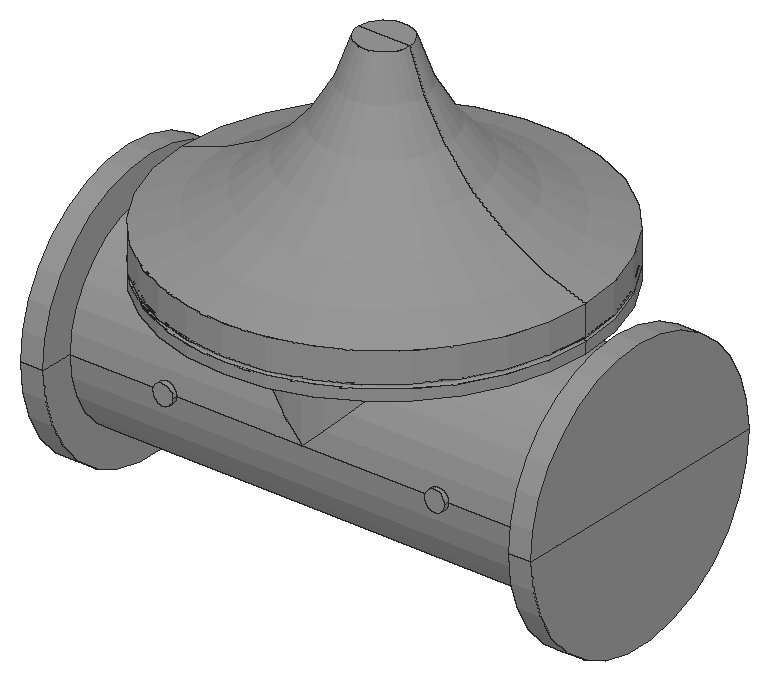
Revit family "Control Valve - Booster Pump - 4-16 Inch", category Pipe Accessories, Revit 2027
Family settings
  Round Connector Dimension = Use Radius
  Part Type = Valve - Breaks Into
  Work Plane-Based = No
  Always vertical = Yes
  Cut with Voids When Loaded = No
  Shared = No
Parameters (values of type "8"")
  Valve Material = none
  Symbol Length = 0.5 * Valve Length * tan(30.00°)  # 7.32657"
  Stem Radius = Valve Length / 20  # 1.269"
  Length 1 = 51/256"  # constant formula
  Default Elevation = 0"
  Cover Radius = 10"
  Body Radius = Nominal Radius * 1.15 + 1/2"  # 5.1"
  Valve Height = 16"
  Nominal Radius = 4"
  Nominal Diameter = Nominal Radius * 2  # 8"
  K Coefficient = 7
  Flange Thickness = 1.12598"
  Flange Radius = 6 3/4"
  Bonnet Radius = Body Radius  # 5.1"
  Bonnet Height = Body Radius + 1/4"  # 5.35"
  Valve Length = 25.38"
Reference planes (in)
  plane 1 "Center (Front/Back)": y = 0
  plane 2: z = 0
  plane 3 "Center (Left/Right)": x = 0
  plane 4: x = -12.69
  plane 5: x = 12.69
  plane 6: x = -11.56402
  plane 7: x = 11.56402
  plane 8: z = 5.35
  plane 9: z = 6.47598
  plane 10: z = 7.60197
  plane 11: y = -7.32657
  plane 12: y = 7.32657
  plane 13: z = 16
  plane 14: y = -5.1
  plane 15: z = 6.10066
  plane 16: z = 6.85131
  plane 17: z = 5.90144
  plane 18: y = -5.3
  plane 19: x = -6.75
  plane 20: x = 6.75
Forms (in)
  Revolve 1, solid, material "Valve Body - Factory Epoxy (Dark Grey)", detail levels fine
    sketch origin (0, 0, 0) x (1, 0, 0) y (0, 1, 0)
      loop
        line (12.69, 6.75) -> (11.56402, 6.75) -> (11.56402, 5.1) -> (-11.56402, 5.1) -> (-11.56402, 6.75) -> (-12.69, 6.75) -> (-12.69, 0) -> (12.69, 0) -> (12.69, 6.75)
      axis (-12.69, 0) -> (12.69, 0)
    angle from 0 to 360
  Revolve 2, solid, material "Valve Body - Factory Epoxy (Dark Grey)", detail levels fine
    sketch origin (0, 0, 0) x (1, 0, 0) y (0, 0, 1)
      loop
        line (0, 16) -> (-1.269, 16)
        arc (-1.269, 16) -> (-4.46168, 10.58166) -> (-10, 7.60197) r 11.68908
        line (-10, 7.60197) -> (-10, 6.10066)
        arc (-10, 6.10066) -> (-9.90039, 6.00105) -> (-10, 5.90144) r 0.09961
        line (-10, 5.90144) -> (-10, 5.35) -> (-5.1, 5.35) -> (-5.1, 0) -> (0, 0) -> (0, 16)
      axis (0, 16) -> (0, 0)
    angle from 0 to 360
  Extrusion 3, solid, material "Valve Body - Factory Epoxy (Dark Grey)", detail levels fine
    sketch origin (0, 0, 0) x (1, 0, 0) y (0, 0, 1)
      loop
        circle (-6.75, 0) r 0.5
      loop
        circle (6.75, 0) r 0.5
    from 0 to 5.3
Cuts and joins
  joined: Revolve 1, Revolve 2, Extrusion 3
Lines and regions (in)
  model lines, detail levels coarse+medium
    curve 1: line (-12.69, 7.32657, 0) -> (-12.69, -7.32657, 0)
    curve 2: line (12.69, 7.32657, 0) -> (12.69, -7.32657, 0)
    curve 3: line (12.69, -7.32657, 0) -> (-12.69, 7.32657, 0)
    curve 4: line (-12.69, -7.32657, 0) -> (0, 0, 0)
Dimensions and locks (in)
  "Bonnet Height": plane 8 to plane 2
  equal spacing: plane 4, plane 3 "Center (Left/Right)", plane 5
  "Valve Length": plane 4 to plane 5
  "Flange Thickness": plane 4 to plane 6
  "Flange Thickness": plane 7 to plane 5
  "Flange Thickness": plane 9 to plane 8
  "Symbol Length": plane 12 to plane 1 "Center (Front/Back)"
  "Symbol Length": plane 1 "Center (Front/Back)" to plane 11
  "Valve Height": plane 13 to level
  "Flange Radius": Revolve 1 sketch curve to Revolve 1 sketch curve
  "Body Radius": Revolve 1 sketch curve to Revolve 1 sketch curve
  "Body Radius": plane 1 "Center (Front/Back)" to plane 14
  "Flange Thickness": plane 10 to plane 9
  equal spacing: plane 10, plane 16, plane 15, plane 8
  "Length 1": plane 15 to plane 17
  "Bonnet Radius": Revolve 2 sketch curve to Revolve 2 sketch curve
  "Cover Radius": Revolve 2 sketch curve to Revolve 2 sketch curve
  "Stem Radius": Revolve 2 sketch curve to Revolve 2 sketch curve
  locked: plane 14 to plane 18 at 0.2
  "Flange Radius": plane 3 "Center (Left/Right)" to plane 19
  "Flange Radius": plane 20 to plane 3 "Center (Left/Right)"
  aligned and locked: curve 1 to plane 4
  aligned and locked: plane 11 to curve 1
  aligned and locked: plane 12 to curve 1
  aligned and locked: curve 2 to plane 12
  aligned and locked: curve 2 to plane 11
  aligned and locked: plane 1 "Center (Front/Back)" to Revolve 1 sketch curve
  aligned and locked: Revolve 1 sketch curve to Revolve 1 sketch curve  (x2)
  aligned and locked: Revolve 1 sketch curve to plane 6
  aligned and locked: plane 4 to Revolve 1 sketch curve
  aligned and locked: Revolve 1 sketch curve to plane 5
  aligned and locked: plane 7 to Revolve 1 sketch curve
  aligned and locked: Revolve 2 sketch curve to plane 3 "Center (Left/Right)"
  aligned and locked: plane 17 to Revolve 2 sketch curve
  aligned and locked: level to Revolve 2 sketch curve
  aligned and locked: Revolve 2 sketch curve to Revolve 2 sketch curve  (x2)
  aligned and locked: plane 8 to Revolve 2 sketch curve
  aligned and locked: plane 15 to Revolve 2 sketch curve
  aligned and locked: plane 10 to Revolve 2 sketch curve
  aligned and locked: plane 13 to Revolve 2 sketch curve
  aligned and locked: plane 19 to Extrusion 3 sketch curve
  aligned and locked: plane 20 to Extrusion 3 sketch curve
  aligned and locked: level to Extrusion 3 sketch curve  (x2)
  aligned and locked: plane 18 to Extrusion 3
  aligned and locked: Extrusion 3 to plane 1 "Center (Front/Back)"
Automatic sketch dimensions
  plane 1 "Center (Front/Back)" to curve 4 = 0"
  curve 3 to plane 5 = 0"
  Revolve 1 sketch curve to Revolve 1 sketch curve = 10.37698"
  Revolve 1 sketch curve to Revolve 1 sketch curve = 19.62302"
  plane 4 to Revolve 2 sketch curve = 0.12509"
  Revolve 2 sketch curve to level = 14.55718"
  Revolve 2 sketch curve to Revolve 2 sketch curve = 6.82173"
  radius of Extrusion 3 sketch curve = 1/2"  (x2)
Connectors (in)
  piping at (-12.69, 0, 0), diameter 8, driven by "Nominal Radius"
    settings: on cut or joined group of Revolve 1, Revolve 2, Extrusion 3, index 1, connector inside diameter 24", connector length 0", flow factor 0, pipe flow 0 GPM, pressure drop 0.00 psi, fitting loss kfactor 0, connector angle 0.00°, fixture units 0, engagement length 0", angle of deflection 0.00°, flow configuration 0, flow direction 1, fitting loss method 0, system type 29, joint type 0, gender type 0, connector reference index 2, connector utility 0, adjustable connector no, is connector primary yes, connector description "Water In"
  piping at (12.69, 0, 0), diameter 8, driven by "Nominal Radius"
    settings: on cut or joined group of Revolve 1, Revolve 2, Extrusion 3, index 2, connector inside diameter 24", connector length 0", flow factor 0, pipe flow 0 GPM, pressure drop 0.00 psi, fitting loss kfactor 0, connector angle 0.00°, fixture units 0, engagement length 0", angle of deflection 0.00°, flow configuration 0, flow direction 2, fitting loss method 0, system type 29, joint type 0, gender type 0, connector reference index 1, connector utility 0, adjustable connector no, is connector primary no, connector description "Water Out"
